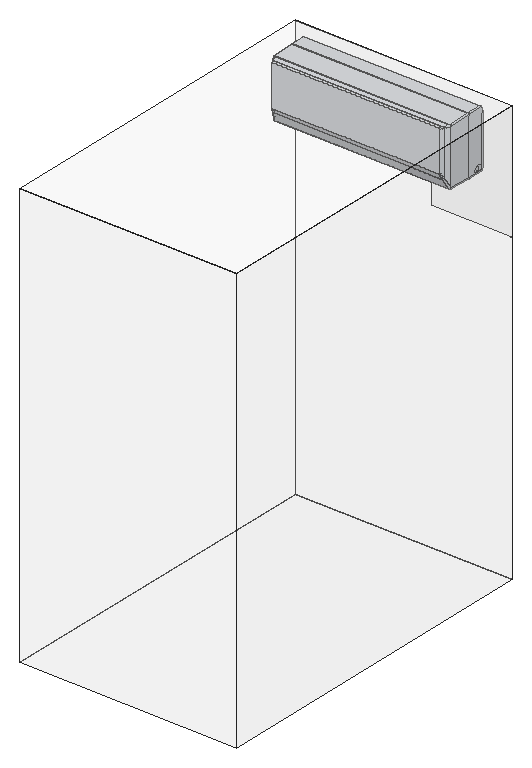
Revit family "pk-rp28_112laka18_50hz", category 機械設備, Revit 2019 (continued)
Definition of nested family "pk-rp80_112(la)ka17"
  Automatic sketch dimensions
    Extrusion 1 sketch curve to Extrusion 1 sketch curve = 4.57 mm
    Extrusion 1 sketch curve to Extrusion 1 sketch curve = 0.828 mm
    Extrusion 1 sketch curve to Extrusion 1 sketch curve = 2.282 mm
    Extrusion 1 sketch curve to Extrusion 1 sketch curve = 1.509 mm
    Extrusion 1 sketch curve to plane 10 "Fkidasi_Z" = 2.669 mm
    Extrusion 1 sketch curve to Extrusion 1 sketch curve = 3.53 mm
    Extrusion 1 sketch curve to Extrusion 1 sketch curve = 0.245 mm
    Extrusion 1 sketch curve to plane 10 "Fkidasi_Z" = 0.212 mm
    Extrusion 1 sketch curve to Extrusion 1 sketch curve = 11.126 mm
    Extrusion 1 sketch curve to Extrusion 1 sketch curve = 11.355 mm
    plane 10 "Fkidasi_Z" to Extrusion 1 sketch curve = 0.239 mm
    Extrusion 1 sketch curve to Extrusion 1 sketch curve = 0.886 mm
    Extrusion 1 sketch curve to Extrusion 1 sketch curve = 14.099 mm
    Extrusion 1 sketch curve to Extrusion 1 sketch curve = 0.981 mm  (x3)
    Extrusion 1 sketch curve to plane 2 = 91.302 mm
    plane 6 "UNDER" to Extrusion 1 sketch curve = 3.179 mm
    Extrusion 1 sketch curve to Extrusion 1 sketch curve = 2.631 mm
    Extrusion 1 sketch curve to Extrusion 1 sketch curve = 10.856 mm
    Extrusion 1 sketch curve to plane 10 "Fkidasi_Z" = 10.968 mm
    Extrusion 1 sketch curve to Extrusion 1 sketch curve = 1.969 mm
    Extrusion 1 sketch curve to plane 10 "Fkidasi_Z" = 1.653 mm
    Extrusion 1 sketch curve to plane 10 "Fkidasi_Z" = 0.674 mm
    Extrusion 1 sketch curve to Extrusion 1 sketch curve = 0.182 mm
    plane 10 "Fkidasi_Z" to Extrusion 1 sketch curve = 19.962 mm
    plane 10 "Fkidasi_Z" to Extrusion 1 sketch curve = 45.88 mm
    Extrusion 1 sketch curve to Extrusion 1 sketch curve = 9.288 mm
    Extrusion 1 sketch curve to Extrusion 1 sketch curve = 1.712 mm
    Extrusion 1 sketch curve to Extrusion 1 sketch curve = 2.453 mm
    Extrusion 1 sketch curve to Extrusion 1 sketch curve = 1.702 mm
    Extrusion 1 sketch curve to Extrusion 1 sketch curve = 0.58 mm
    Extrusion 1 sketch curve to Extrusion 1 sketch curve = 1.434 mm
    Extrusion 1 sketch curve to level = 23.558 mm
    Extrusion 1 sketch curve to Extrusion 1 sketch curve = 8.081 mm
    Extrusion 1 sketch curve to Extrusion 1 sketch curve = 4.288 mm
    Extrusion 1 sketch curve to Extrusion 1 sketch curve = 0.784 mm
    Extrusion 1 sketch curve to Extrusion 1 sketch curve = 0 mm
    Extrusion 1 sketch curve to Extrusion 1 sketch curve = 1.627 mm
    Extrusion 1 sketch curve to Extrusion 1 sketch curve = 0.002 mm
    Extrusion 1 sketch curve to level = 0 mm
    plane 19 to Extrusion 1 sketch curve = 6.097 mm
    Extrusion 1 sketch curve to Extrusion 1 sketch curve = 10.916 mm
    curve 15 to Extrusion 1 = 0 mm
    curve 17 to Extrusion 1 = 0 mm
    curve 20 to Extrusion 1 = 0 mm
    curve 13 to Extrusion 1 = 0 mm
    curve 10 to Extrusion 1 = 0 mm
    curve 8 to Extrusion 1 = 0 mm
    curve 15 to Extrusion 1 = 20 mm
    curve 15 to curve 16 = 8 mm
    curve 19 to Extrusion 1 = 1.466 mm
    curve 21 to Extrusion 1 = 3.034 mm
    curve 21 to curve 17 = 22.703 mm
    curve 14 to curve 9 = 24.618 mm
    curve 10 to curve 14 = 23.733 mm
    curve 10 to curve 12 = 34.286 mm
    curve 9 to Extrusion 1 = 28 mm
    curve 11 to curve 8 = 8 mm
    curve 19 to curve 21 = 11.583 mm
    curve 18 to curve 19 = 23.714 mm
    curve 19 to curve 16 = 19.672 mm
    curve 9 to Extrusion 1 = 35.752 mm
    curve 13 to curve 10 = 10 mm
    curve 13 to curve 11 = 79 mm
    plane 19 to Extrusion 1 sketch curve = 29.248 mm
    curve 6 to Extrusion 1 = 0 mm
    curve 2 to Extrusion 1 = 0 mm
    curve 1 to Extrusion 1 = 0 mm
    curve 2 to Extrusion 1 = 7.8 mm
    curve 1 to Extrusion 1 = 57 mm
    curve 4 to curve 7 = 0 mm
    curve 5 to curve 3 = 8 mm
    curve 3 to curve 7 = 50.624 mm
    curve 7 to curve 6 = 8.376 mm
    curve 7 to curve 3 = 7.895 mm
    curve 24 to Extrusion 1 = 1 mm
    curve 32 to Extrusion 1 = 1.705 mm
    curve 5 to curve 32 = 45 mm
    curve 4 to curve 24 = 48 mm
    curve 32 to Extrusion 1 = 1.664 mm
    curve 2 to Extrusion 1 = 57 mm
    curve 25 to Extrusion 1 = 0 mm
    curve 26 to Extrusion 1 = 0 mm
    curve 30 to Extrusion 1 = 0 mm
    Extrusion 1 to curve 25 = 57 mm
    Extrusion 1 to curve 26 = 7.8 mm
    Extrusion 1 to curve 26 = 57 mm
    curve 31 to curve 28 = 0 mm
    curve 28 to curve 27 = 8 mm
    curve 29 to curve 31 = 50.624 mm
    curve 31 to curve 30 = 8.376 mm
    curve 31 to curve 27 = 7.895 mm
    Extrusion 1 to curve 23 = 1 mm
    Extrusion 1 to curve 22 = 1.664 mm
    Extrusion 1 to curve 22 = 110 mm
    Extrusion 1 to curve 22 = 1.705 mm
    curve 28 to curve 23 = 48 mm
Types (9, lengths in mm): name | 風量_静 (m3/min) | 風量_強 (m3/min) | 風量_弱 (m3/min) | 風量_中 (m3/min) | 風量 | 音響パワーレベル（静）(dB) | 音響パワーレベル（弱）(dB) | 音響パワーレベル（中）(dB) | 音響パワーレベル(dB) | 電動機出力_送風機 | 質量 | 構成品番 | 壁掛_PK-RP80_112KA17 | 壁掛_PK-RP40_50LA | 冷媒液管位置-Z | 冷媒液管位置-Y | 冷媒液管位置-X | 冷媒ガス管位置-Z | 冷媒ガス管位置-Y | 冷媒ガス管位置-X | ドレン位置-Z | ドレン位置-Y | ドレン位置-X | URL | Space Top | Space Right_1 | Space Right | Space Left | MIN２風量 | MIN風量 | MID風量 | MAX風量 | 製品質量 | 消費電力_暖房 | 消費電力_冷房 | 消費電力 | 暖房能力 | 始動方式 | 冷房能力 | 冷媒管径符号 | 冷媒液管径 | 冷媒ガス管径 | Width | S_H | Height | Depth | 価格 | Clearance Top | Clearance Right | Clearance Left
  壁掛_PK-RP28LA2 | 6.3 | 8.7 | 7.3 | 8 | 522.0 m³/h | 45 | 48 | 50 | 52 | 0.03 kW | 15.00 kg | "PK-RP28LA" | no | yes | 280 | 23 | 711 | 268 | 23 | 642 | 274 | 37 | 660 | "https://www.mitsubishielectric.co.jp/ldg/wink/ssl/displayProduct.do?pid=323474" | 50 | 260 | 150 | 50 | 378.0 m³/h | 438.0 m³/h | 480.0 m³/h | 522.0 m³/h | 12.50 kg | 0.02 kW | 0.03 kW | 0.03 kW | 2.80 kW | "直入" | 2.5 kW | "Ac" | 6.35 | 12.70 | 898 | 356 | 299 | 237 | 212000 | 50 | 150 | 50
  壁掛_PK-RP40LA2 | 6.8 | 10.7 | 8.2 | 9.4 | 642.0 m³/h | 47 | 51 | 54 | 57 | 0.03 kW | 15.00 kg | "PK-RP40LA" | no | yes | 280 | 35 | 711 | 268 | 35 | 642 | 245 | 35 | 660 | "https://www.mitsubishielectric.co.jp/ldg/wink/ssl/displayProduct.do?pid=323475" | 50 | 260 | 150 | 50 | 408.0 m³/h | 492.0 m³/h | 564.0 m³/h | 642.0 m³/h | 12.50 kg | 0.03 kW | 0.04 kW | 0.04 kW | 4.00 kW | "直入" | 3.6 kW | "Ac" | 6.35 | 12.70 | 898 | 356 | 299 | 237 | 221000 | 50 | 150 | 50
  壁掛_PK-RP45LA2 | 6.8 | 10.7 | 8.2 | 9.4 | 642.0 m³/h | 48 | 51 | 54 | 57 | 0.03 kW | 15.00 kg | "PK-RP45LA" | no | yes | 280 | 35 | 711 | 268 | 35 | 642 | 245 | 35 | 660 | "https://www.mitsubishielectric.co.jp/ldg/wink/ssl/displayProduct.do?pid=323476" | 50 | 260 | 150 | 50 | 408.0 m³/h | 492.0 m³/h | 564.0 m³/h | 642.0 m³/h | 12.50 kg | 0.03 kW | 0.04 kW | 0.04 kW | 4.50 kW | "直?" | 4 kW | "Ac" | 6.35 | 12.70 | 898 | 356 | 299 | 237 | 230000 | 50 | 150 | 50
  壁掛_PK-RP50LA2 | 6.8 | 10.7 | 8.2 | 9.4 | 642.0 m³/h | 48 | 51 | 54 | 57 | 0.03 kW | 15.00 kg | "PK-RP50LA" | no | yes | 280 | 35 | 711 | 268 | 35 | 642 | 245 | 35 | 660 | "https://www.mitsubishielectric.co.jp/ldg/wink/ssl/displayProduct.do?pid=323477" | 50 | 260 | 150 | 50 | 408.0 m³/h | 492.0 m³/h | 564.0 m³/h | 642.0 m³/h | 12.50 kg | 0.03 kW | 0.04 kW | 0.04 kW | 5.00 kW | "直?" | 4.5 kW | "Ac" | 6.35 | 12.70 | 898 | 356 | 299 | 237 | 271000 | 50 | 150 | 50
  壁掛_PK-RP56LA2 | 7.3 | 13.6 | 9.4 | 11.6 | 816.0 m³/h | 49 | 54 | 59 | 63 | 0.03 kW | 15.00 kg | "PK-RP56LA" | no | yes | 280 | 35 | 711 | 268 | 35 | 642 | 245 | 35 | 660 | "https://www.mitsubishielectric.co.jp/ldg/wink/ssl/displayProduct.do?pid=323479" | 50 | 260 | 150 | 50 | 438.0 m³/h | 564.0 m³/h | 696.0 m³/h | 816.0 m³/h | 12.50 kg | 0.05 kW | 0.06 kW | 0.06 kW | 5.60 kW | "直?" | 5 kW | "Ac" | 6.35 | 12.70 | 898 | 356 | 299 | 237 | 283000 | 50 | 150 | 50
  壁掛_PK-RP63KA18 | 0 | 19 | 16.5 | 17.8 | 1140.0 m³/h | 0 | 53 | 55 | 56 | 0.057 kW | 24.00 kg | "PK-RP63KA" | yes | no | 312 | 30 | 636 | 333 | 25 | 567 | 347 | 61 | 719 | "https://www.mitsubishielectric.co.jp/ldg/wink/ssl/displayProduct.do?pid=323480" | 48 | 220 | 100.5 | 52.3 | 0.0 m³/h | 990.0 m³/h | 1068.0 m³/h | 1140.0 m³/h | 20.00 kg | 0.06 kW | 0.06 kW | 0.06 kW | 6.30 kW | "直?" | 5.6 kW | "Ac" | 6.35 | 12.70 | 1170 | 420 | 365 | 295 | 284000 | 48 | 100.5 | 52.3
  壁掛_PK-RP71KA18 | 0 | 19 | 16.5 | 17.8 | 1140.0 m³/h | 0 | 53 | 55 | 56 | 0.057 kW | 25.20 kg | "PK-RP71KA" | yes | no | 312 | 30 | 636 | 333 | 25 | 567 | 347 | 61 | 719 | "https://www.mitsubishielectric.co.jp/ldg/wink/ssl/displayProduct.do?pid=323481" | 48 | 220 | 100.5 | 52.3 | 0.0 m³/h | 990.0 m³/h | 1068.0 m³/h | 1140.0 m³/h | 21.00 kg | 0.06 kW | 0.06 kW | 0.06 kW | 7.00 kW | "直?" | 6.3 kW | "Bd" | 9.52 | 15.88 | 1170 | 420 | 365 | 295 | 285000 | 48 | 100.5 | 52.3
  壁掛_PK-RP80KA18 | 0 | 23 | 17 | 20 | 1380.0 m³/h | 0 | 53 | 57 | 61 | 0.057 kW | 25.20 kg | "PK-RP80KA" | yes | no | 312 | 30 | 636 | 333 | 25 | 567 | 347 | 61 | 719 | "https://www.mitsubishielectric.co.jp/ldg/wink/ssl/displayProduct.do?pid=323482" | 48 | 220 | 100.5 | 52.3 | 0.0 m³/h | 1020.0 m³/h | 1200.0 m³/h | 1380.0 m³/h | 21.00 kg | 0.07 kW | 0.07 kW | 0.07 kW | 8.00 kW | "直?" | 7.1 kW | "Bd" | 9.52 | 15.88 | 1170 | 420 | 365 | 295 | 294000 | 48 | 100.5 | 52.3
  壁掛_PK-RP112KA18 | 0 | 25 | 17 | 21 | 1500.0 m³/h | 0 | 56 | 61 | 66 | 0.057 kW | 25.20 kg | "PK-RP112KA" | yes | no | 312 | 30 | 636 | 333 | 25 | 567 | 347 | 61 | 719 | "https://www.mitsubishielectric.co.jp/ldg/wink/ssl/displayProduct.do?pid=323483" | 48 | 220 | 100.5 | 52.3 | 0.0 m³/h | 1020.0 m³/h | 1260.0 m³/h | 1500.0 m³/h | 21.00 kg | 0.07 kW | 0.07 kW | 0.07 kW | 11.20 kW | "直?" | 10 kW | "Bd" | 9.52 | 15.88 | 1170 | 420 | 365 | 295 | 302000 | 48 | 100.5 | 52.3
